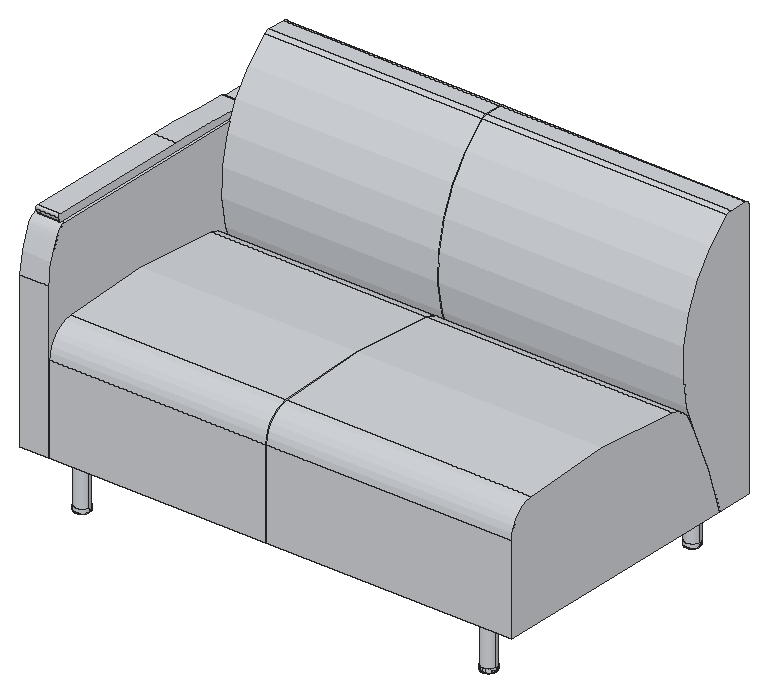
Revit family "Seat-LaZBoy-Assymble_Lounge_Seating-AS22L", category Furniture, Revit 2017
Family settings
  OmniClass Number = 23.40.20.00
  OmniClass Title = General Furniture and Specialties
  Work Plane-Based = No
  Always vertical = Yes
  Cut with Voids When Loaded = No
  Shared = No
  Room Calculation Point = No
Parameters (values of type "Solid Surface Arms Caps")
  Width = 51.00"  # constant formula
  URL = "https://www.la-z-boy.com/"
  Seat Material [instance] = none
  Product Documentation Link = "URL"
  Model = "AS22LJ"
  Manufacturer = "LaZBoy"
  Height = 32.75"  # constant formula
  Description = "2 Seat Lounge Chair, Left Side Facing with Solid Surface Arms Caps"
  Depth = 30.75"  # constant formula
  Copyright © = "Inc"
  Back Material [instance] = none
  Assembly Code = "E2020200"
  Armcap Material [instance] = none
  Arm Material [instance] = none
Types (4): name | Model | Description
  Upholstered Arms | "AS22LF" | "2 Seat Lounge Chair, Left Side Facing with Upholstered Arms"
  Urethane Arms Caps | "AS22LU" | "2 Seat Lounge Chair, Left Side Facing with Urethane Arms Caps"
  Wood Arms Caps | "AS22LW" | "2 Seat Lounge Chair, Left Side Facing with Wood Arms Caps"
  Solid Surface Arms Caps | "AS22LJ" | "2 Seat Lounge Chair, Left Side Facing with Solid Surface Arms Caps"
Reference planes (in)
  plane 1 "Center (Front/Back)": y = 0
  plane 2: z = 0
  plane 3 "Center (Left/Right)": x = 0
  plane 4: y = -15.375
  plane 5: z = 32.75
  plane 6: y = 15.375
  plane 7: x = -25.5
  plane 8: x = 25.5
  plane 9: z = 5.39888
  plane 10: x = -22.5
Forms (in)
  Extrusion 1, solid, material <- "Back Material"
    sketch origin (0, 0, 0) x (0, 1, 0) y (0, 0, 1)
      loop
        line (15.375, 5.39888) -> (15.375, 32.4)
        arc (15.375, 32.4) -> (15.27249, 32.64749) -> (15.025, 32.75) r 0.35
        line (15.025, 32.75) -> (13.18257, 32.75)
        arc (13.18257, 32.75) -> (12.88654, 32.70048) -> (12.62275, 32.55731) r 0.90955
        arc (12.62275, 32.55731) -> (7.27087, 24.12175) -> (8.46181, 14.20293) r 14.8761
        arc (8.46181, 14.20293) -> (10.29749, 9.8942) -> (11.61161, 5.39888) r 39.59734
        line (11.61161, 5.39888) -> (15.375, 5.39888)
    from -22.5 to 0
  Extrusion 2, solid, material <- "Seat Material"
    sketch origin (0, 0, 0) x (0, 1, 0) y (0, 0, 1)
      loop
        line (-15.375, 5.39888) -> (11.61161, 5.39888)
        arc (11.61161, 5.39888) -> (9.9596, 10.8034) -> (7.55503, 15.9177) r 39.59734
        arc (7.55503, 15.9177) -> (6.71811, 16.83642) -> (5.56221, 17.29288) r 2.75
        arc (5.56221, 17.29288) -> (-3.58084, 18.03171) -> (-12.7401, 17.53243) r 67.9538
        arc (-12.7401, 17.53243) -> (-14.6217, 16.54278) -> (-15.375, 14.55473) r 3
        line (-15.375, 14.55473) -> (-15.375, 5.39888)
    from -22.5 to 0
  Extrusion 3, solid
    sketch origin (0, 0, 0) x (1, 0, 0) y (0, 1, 0)
      loop
        circle (-21.11938, 13.59321) r 0.75
      loop
        circle (21.11938, 13.59321) r 0.75
      loop
        circle (-21.11938, -12.84321) r 0.75
      loop
        circle (21.11938, -12.84321) r 0.75
    from 0 to 5.39888
  Extrusion 4, solid, material <- "Back Material"
    sketch origin (0, 0, 0) x (0, 1, 0) y (0, 0, -1)
      loop
        line (15.375, -5.39888) -> (11.61161, -5.39888)
        arc (11.61161, -5.39888) -> (10.29749, -9.8942) -> (8.46181, -14.20293) r 39.59734
        arc (8.46181, -14.20293) -> (7.27087, -24.12175) -> (12.62275, -32.55731) r 14.8761
        arc (12.62275, -32.55731) -> (12.88654, -32.70048) -> (13.18257, -32.75) r 0.90955
        line (13.18257, -32.75) -> (15.025, -32.75)
        arc (15.025, -32.75) -> (15.27249, -32.64749) -> (15.375, -32.4) r 0.35
        line (15.375, -32.4) -> (15.375, -5.39888)
    from -25.5 to 0
  Extrusion 5, solid, material <- "Seat Material"
    sketch origin (0, 0, 0) x (0, 1, 0) y (0, 0, -1)
      loop
        line (-15.375, -5.39888) -> (-15.375, -14.55473)
        arc (-15.375, -14.55473) -> (-14.6217, -16.54278) -> (-12.7401, -17.53243) r 3
        arc (-12.7401, -17.53243) -> (-3.58084, -18.03171) -> (5.56221, -17.29288) r 67.9538
        arc (5.56221, -17.29288) -> (6.71811, -16.83642) -> (7.55503, -15.9177) r 2.75
        arc (7.55503, -15.9177) -> (9.9596, -10.8034) -> (11.61161, -5.39888) r 39.59734
        line (11.61161, -5.39888) -> (-15.375, -5.39888)
    from -25.5 to 0
  Revolve 6, solid
    sketch origin (-12, -12.84321, 0) x (1, 0, 0) y (0, 0, 1)
      loop
        line (-9.11938, 0) -> (-8.38039, 0)
        arc (-8.38039, 0) -> (-8.34459, 0.01483) -> (-8.32976, 0.05064) r 0.05064
        line (-8.32976, 0.05064) -> (-8.32976, 0.40859) -> (-9.11938, 0.40859) -> (-9.11938, 0)
      axis (-9.11938, 0.40859) -> (-9.11938, 0)
    angle from 0 to 360
  Revolve 7, solid
    sketch origin (12, -12.84321, 0) x (-1, 0, 0) y (0, 0, 1)
      loop
        line (-9.11938, 0) -> (-8.38039, 0)
        arc (-8.38039, 0) -> (-8.34459, 0.01483) -> (-8.32976, 0.05064) r 0.05064
        line (-8.32976, 0.05064) -> (-8.32976, 0.40859) -> (-9.11938, 0.40859) -> (-9.11938, 0)
      axis (-9.11938, 0.40859) -> (-9.11938, 0)
    angle from 0 to 360
  Revolve 8, solid
    sketch origin (-12, -12.84321, 0) x (1, 0, 0) y (0, 0, 1)
      loop
        line (-9.11938, 0) -> (-8.38039, 0)
        arc (-8.38039, 0) -> (-8.34459, 0.01483) -> (-8.32976, 0.05064) r 0.05064
        line (-8.32976, 0.05064) -> (-8.32976, 0.40859) -> (-9.11938, 0.40859) -> (-9.11938, 0)
      axis (-9.11938, 0.40859) -> (-9.11938, 0)
    angle from 0 to 360
  Revolve 9, solid
    sketch origin (-12, -12.84321, 0) x (1, 0, 0) y (0, 0, 1)
      loop
        line (33.11938, 0) -> (33.11938, 0.40859) -> (32.32976, 0.40859) -> (32.32976, 0.05064)
        arc (32.32976, 0.05064) -> (32.34459, 0.01483) -> (32.38039, 0) r 0.05064
        line (32.38039, 0) -> (33.11938, 0)
      axis (33.11938, 0.40859) -> (33.11938, 0)
    angle from 0 to 360
  Revolve 10, solid
    sketch origin (-12, 13.59321, 0) x (1, 0, 0) y (0, 0, 1)
      loop
        line (-9.11938, 0) -> (-8.38039, 0)
        arc (-8.38039, 0) -> (-8.34459, 0.01483) -> (-8.32976, 0.05064) r 0.05064
        line (-8.32976, 0.05064) -> (-8.32976, 0.40859) -> (-9.11938, 0.40859) -> (-9.11938, 0)
      axis (-9.11938, 0.40859) -> (-9.11938, 0)
    angle from 0 to 360
  Revolve 11, solid
    sketch origin (-12, 13.59321, 0) x (1, 0, 0) y (0, 0, 1)
      loop
        line (33.11938, 0) -> (33.11938, 0.40859) -> (32.32976, 0.40859) -> (32.32976, 0.05064)
        arc (32.32976, 0.05064) -> (32.34459, 0.01483) -> (32.38039, 0) r 0.05064
        line (32.38039, 0) -> (33.11938, 0)
      axis (33.11938, 0.40859) -> (33.11938, 0)
    angle from 0 to 360
Lines and regions (in)
  Masking region 1
    outline origin (0, 0, 0) x (1, 0, 0) y (0, 1, 0)
      loop
        line (-22.5, 15.375) -> (-22.5, -15.375) -> (25.5, -15.375) -> (25.5, 15.375) -> (-22.5, 15.375)
  symbolic lines, detail levels fine
    curve 1: line (25.5, 11.61161, 0) -> (-22.5, 11.61161, 0)
  symbolic lines, detail levels medium+fine
    curve 2: line (-22.5, 6.90274, 0) -> (25.5, 6.90274, 0)
    curve 3: line (0, -15.375, 0) -> (0, 11.61161, 0)
Dimensions and locks (in)
  equal spacing: plane 6, plane 1 "Center (Front/Back)", plane 4
  equal spacing: plane 7, plane 3 "Center (Left/Right)", plane 8
  "Width": plane 7 to plane 8
  "Depth": plane 4 to plane 6
  "Height": plane 5 to plane 2
  plane 6 to Extrusion 3 sketch curve = 1.78179"
  locked: plane 7 to Extrusion 3 sketch curve at 4.38062
  locked: plane 9 to plane 2 at 5.39888
  locked: plane 7 to plane 10 at 3
  aligned and locked: level to plane 2
  aligned and locked: plane 3 "Center (Left/Right)" to nested 1
  aligned and locked: plane 1 "Center (Front/Back)" to nested 1
  aligned and locked: plane 6 to Extrusion 1 sketch curve
  aligned and locked: Extrusion 3 to plane 9
  aligned and locked: nested 2 to plane 7
  aligned and locked: plane 6 to nested 2
  aligned and locked: plane 10 to Extrusion 1
  aligned and locked: plane 10 to Extrusion 2
  aligned and locked: Masking region 1 sketch curve to plane 6
  aligned and locked: Masking region 1 sketch curve to plane 10
  aligned and locked: Masking region 1 sketch curve to plane 4
  aligned and locked: curve 1 to Extrusion 2
  aligned and locked: plane 3 "Center (Left/Right)" to Extrusion 1
  aligned and locked: plane 3 "Center (Left/Right)" to Extrusion 2
  aligned and locked: Extrusion 4 to plane 3 "Center (Left/Right)"
  aligned and locked: Extrusion 5 to plane 3 "Center (Left/Right)"
  aligned and locked: Masking region 1 sketch curve to plane 8
  aligned and locked: plane 8 to Extrusion 4
  aligned and locked: Extrusion 5 to plane 8
  aligned and locked: plane 8 to curve 2
  aligned and locked: plane 8 to curve 1
Automatic sketch dimensions
  curve 1 to plane 10 = 0.00"
  curve 2 to plane 10 = 0.00"
  curve 3 to plane 3 "Center (Left/Right)" = 0.00"
  plane 4 to curve 3 = 0.00"
  curve 2 to curve 1 = 4.70887"
  Extrusion 1 sketch curve to plane 9 = 0.00"
  Extrusion 1 sketch curve to plane 5 = 0.00"
  Extrusion 1 sketch curve to plane 5 = 0.35"
  Extrusion 1 sketch curve to Extrusion 1 sketch curve = 1.84243"
  Extrusion 1 sketch curve to plane 6 = 3.76339"
  Extrusion 1 sketch curve to level = 3.44449"
  plane 4 to Extrusion 1 sketch curve = 11.61059"
  plane 6 to Extrusion 1 sketch curve = 6.40384"
  Extrusion 1 sketch curve to plane 5 = 11.91722"
  Extrusion 1 sketch curve to plane 5 = 0.90955"
  Extrusion 1 sketch curve to Extrusion 1 sketch curve = 0.00"
  Extrusion 2 sketch curve to plane 4 = 0.00"
  Extrusion 2 sketch curve to plane 9 = 0.00"
  Extrusion 2 sketch curve to level = 3.44449"
  plane 4 to Extrusion 2 sketch curve = 11.61059"
  Extrusion 2 sketch curve to Extrusion 2 sketch curve = 3.00"
  plane 1 "Center (Front/Back)" to Extrusion 2 sketch curve = 4.47018"
  Extrusion 2 sketch curve to plane 1 "Center (Front/Back)" = 5.15622"
  Extrusion 2 sketch curve to plane 6 = 3.76339"
  Extrusion 2 sketch curve to level = 49.91627"
  Extrusion 2 sketch curve to Extrusion 2 sketch curve = 9.15585"
  plane 9 to Extrusion 2 sketch curve = 9.17414"
  Extrusion 2 sketch curve to Extrusion 2 sketch curve = 0.00"  (x2)
  Extrusion 3 sketch curve to plane 10 = 1.38062"
  Extrusion 3 sketch curve to plane 8 = 4.38062"  (x2)
  Extrusion 3 sketch curve to plane 6 = 1.78179"
  Extrusion 3 sketch curve to plane 4 = 2.53179"  (x2)
  Extrusion 4 sketch curve to plane 9 = 0.00"
  Extrusion 4 sketch curve to plane 5 = 0.00"
  Extrusion 4 sketch curve to plane 6 = 0.00"
  Extrusion 4 sketch curve to plane 5 = 0.35"
  Extrusion 4 sketch curve to Extrusion 4 sketch curve = 1.84243"
  Extrusion 4 sketch curve to plane 6 = 3.76339"
  Extrusion 4 sketch curve to level = 3.44449"
  plane 4 to Extrusion 4 sketch curve = 11.61059"
  plane 6 to Extrusion 4 sketch curve = 6.40384"
  Extrusion 4 sketch curve to plane 5 = 0.90955"
  Extrusion 4 sketch curve to plane 5 = 11.91722"
  Extrusion 4 sketch curve to Extrusion 4 sketch curve = 0.00"
  Extrusion 5 sketch curve to plane 4 = 0.00"
  Extrusion 5 sketch curve to plane 9 = 0.00"
  Extrusion 5 sketch curve to level = 3.44449"
  plane 4 to Extrusion 5 sketch curve = 11.61059"
  Extrusion 5 sketch curve to Extrusion 5 sketch curve = 3.00"
  plane 1 "Center (Front/Back)" to Extrusion 5 sketch curve = 4.47018"
  Extrusion 5 sketch curve to plane 1 "Center (Front/Back)" = 5.15622"
  Extrusion 5 sketch curve to plane 6 = 3.76339"
  Extrusion 5 sketch curve to Extrusion 5 sketch curve = 9.15585"
  plane 9 to Extrusion 5 sketch curve = 9.17414"
  Extrusion 5 sketch curve to level = 49.91627"
  Extrusion 5 sketch curve to Extrusion 5 sketch curve = 0.00"  (x2)
  Revolve 6 sketch curve to level = 0.00"
  Revolve 6 sketch curve to plane 10 = 1.38062"
  Revolve 6 sketch curve to Revolve 6 sketch curve = 0.73899"
  level to Revolve 6 sketch curve = 0.05064"
  Revolve 6 sketch curve to Revolve 6 sketch curve = 0.35795"
  Revolve 6 sketch curve to Revolve 6 sketch curve = 0.00"
  Revolve 6 sketch curve to level = 0.50"
  Revolve 6 sketch curve to Revolve 6 sketch curve = 1.34141"
  Revolve 7 sketch curve to level = 0.00"
  plane 8 to Revolve 7 sketch curve = 4.38062"
  Revolve 7 sketch curve to Revolve 7 sketch curve = 0.73899"
  Revolve 7 sketch curve to level = 0.05064"
  Revolve 7 sketch curve to Revolve 7 sketch curve = 0.35795"
  Revolve 7 sketch curve to Revolve 7 sketch curve = 0.00"
  level to Revolve 7 sketch curve = 0.50"
  Revolve 7 sketch curve to Revolve 7 sketch curve = 1.34141"
  Revolve 8 sketch curve to level = 0.00"
  Revolve 8 sketch curve to plane 10 = 1.38062"
  Revolve 8 sketch curve to Revolve 8 sketch curve = 0.73899"
  level to Revolve 8 sketch curve = 0.05064"
  Revolve 8 sketch curve to Revolve 8 sketch curve = 0.35795"
  Revolve 8 sketch curve to Revolve 8 sketch curve = 0.00"
  Revolve 8 sketch curve to level = 0.50"
  Revolve 8 sketch curve to Revolve 8 sketch curve = 1.34141"
  Revolve 9 sketch curve to level = 0.00"
  level to Revolve 9 sketch curve = 0.40859"
  Revolve 9 sketch curve to plane 8 = 5.17024"
  level to Revolve 9 sketch curve = 0.05064"
  Revolve 9 sketch curve to Revolve 9 sketch curve = 0.73899"
  Revolve 9 sketch curve to Revolve 9 sketch curve = 0.00"
  Revolve 9 sketch curve to Revolve 9 sketch curve = 0.50"
  Revolve 9 sketch curve to Revolve 9 sketch curve = 1.34141"
  Revolve 10 sketch curve to level = 0.00"
  Revolve 10 sketch curve to plane 10 = 1.38062"
  Revolve 10 sketch curve to Revolve 10 sketch curve = 0.73899"
  level to Revolve 10 sketch curve = 0.05064"
  Revolve 10 sketch curve to Revolve 10 sketch curve = 0.35795"
  Revolve 10 sketch curve to Revolve 10 sketch curve = 0.00"
  Revolve 10 sketch curve to level = 0.50"
  Revolve 10 sketch curve to Revolve 10 sketch curve = 1.34141"
  Revolve 11 sketch curve to level = 0.00"
  level to Revolve 11 sketch curve = 0.40859"
  Revolve 11 sketch curve to plane 8 = 5.17024"
  level to Revolve 11 sketch curve = 0.05064"
  Revolve 11 sketch curve to Revolve 11 sketch curve = 0.73899"
  Revolve 11 sketch curve to Revolve 11 sketch curve = 0.00"
  Revolve 11 sketch curve to Revolve 11 sketch curve = 0.50"
  Revolve 11 sketch curve to Revolve 11 sketch curve = 1.34141"
  radius of Extrusion 3 sketch curve = 0.75"  (x4)
Nested families (in)
  nested 1: "Label 1-16" at (0, 0, 0), type "Center", detail levels fine
    with Offset (LR) 0.00"
  nested 2: "Leg-Assymble-AS" at (-24, -0.42331, 0), type "Standard"
    with With Armcap yes
Definition of nested family "Leg-Assymble-AS"
  Parameters (values of type "Standard")
    With Armcap [instance] = yes
    URL = ""
    On Legs = yes
    Model = ""
    Manufacturer = ""
    Description = ""
    Depth = 30.75"
    Assembly Code = "E2020200"
    Armcap Material = none
    Arm Material = none
  Reference planes (in)
    plane 1 "Center (Front/Back)": y = 0.42331
    plane 2: z = 0
    plane 3 "Center (Left/Right)": x = 0
    plane 4: y = -14.95169
    plane 5: y = 15.79831
    plane 6 "Top": z = 26.39888
    plane 7: z = 5.39888
    plane 8: x = -1.5
    plane 9: x = 1.5
    plane 10: z = 27.20597
  Forms (in)
    Extrusion 1, solid, material <- "Arm Material"
      sketch origin (0, 0, 0) x (0, 1, 0) y (0, 0, 1)
        loop
          line (-14.95169, 5.39888) -> (15.79831, 5.39888) -> (15.79831, 21.43599)
          spline (15.79831, 21.43599) -> (15.76797, 22.12079) -> (15.68527, 22.75327) -> (15.5627, 23.33665) -> (15.41272, 23.87418) -> (15.24784, 24.36908) -> (15.08052, 24.8246) -> (14.92237, 25.24351) -> (14.76729, 25.61955) -> (14.59281, 25.93806) -> (14.37586, 26.1841) -> (14.09335, 26.34269) -> (13.7222, 26.39888)
          line (13.7222, 26.39888) -> (-12.87557, 26.39888)
          spline (-12.87557, 26.39888) -> (-13.24672, 26.34269) -> (-13.52924, 26.1841) -> (-13.74619, 25.93806) -> (-13.92066, 25.61955) -> (-14.07574, 25.24351) -> (-14.23389, 24.8246) -> (-14.40121, 24.36908) -> (-14.5661, 23.87418) -> (-14.71607, 23.33665) -> (-14.83865, 22.75327) -> (-14.92135, 22.12079) -> (-14.95169, 21.43599)
          line (-14.95169, 21.43599) -> (-14.95169, 5.39888)
      from -1.5 to 1.5
    Extrusion 2, solid, material <- "Armcap Material", visible <- "With Armcap"
      sketch origin (0, 0, 0) x (0, 1, 0) y (0, 0, 1)
        loop
          line (-13.01699, 26.39888) -> (11.3584, 26.39888)
          arc (11.3584, 26.39888) -> (11.2289, 26.74416) -> (10.89493, 26.90053) r 0.48849
          line (10.89493, 26.90053) -> (10.8547, 26.90258)
          spline (10.8547, 26.90258) -> (9.81368, 26.95548) -> (8.97711, 26.99748) -> (8.27856, 27.03149) -> (7.65189, 27.06036) -> (7.04399, 27.08607) -> (6.41901, 27.10935) -> (5.74229, 27.13088) -> (4.97919, 27.15133) -> (4.10521, 27.17117) -> (3.20988, 27.18881) -> (2.45429, 27.20138) -> (2.00065, 27.20597)
          line (2.00065, 27.20597) -> (-13.10453, 27.20597)
          arc (-13.10453, 27.20597) -> (-13.26936, 27.11925) -> (-13.29125, 26.9343) r 0.2
          line (-13.29125, 26.9343) -> (-13.11035, 26.46304)
          arc (-13.11035, 26.46304) -> (-13.07363, 26.41646) -> (-13.01699, 26.39888) r 0.1
      from -1.18 to 1.18
  Lines and regions (in)
    Masking region 1
      outline origin (0, 0, 0) x (1, 0, 0) y (0, 1, 0)
        loop
          line (-1.5, 15.79831) -> (-1.5, -14.95169) -> (1.5, -14.95169) -> (1.5, 15.79831) -> (-1.5, 15.79831)
    symbolic lines, visible <- "With Armcap"
      curve 1: line (-1.18, 11.3584, 0) -> (-1.18, -13.30453, 0)
      curve 2: line (1.18, -13.30453, 0) -> (1.18, 11.3584, 0)
      curve 3: arc (-1.18, -13.30453, 0) -> (0, -13.34619, 0) -> (1.18, -13.30453, 0) r 16.73286
    symbolic lines
      curve 4: arc (-1.18, 11.3584, 0) -> (0, 11.42098, 0) -> (1.18, 11.3584, 0) r 11.15659
  Dimensions and locks (in)
    plane 6 "Top" to plane 7 to plane 2 = 21.00" locked, 5.39888" locked
    equal spacing: plane 4, plane 1 "Center (Front/Back)", plane 5
    "Depth": plane 4 to plane 5
    equal spacing: plane 8, plane 3 "Center (Left/Right)", plane 9
    plane 8 to plane 3 "Center (Left/Right)" = 1.50"
    locked: plane 10 to plane 6 "Top" at 0.80709
    equal spacing: Extrusion 2, plane 3 "Center (Left/Right)", Extrusion 2
    locked: Extrusion 2 sketch curve to plane 4 at 1.84715
    aligned and locked: level to plane 2
    aligned and locked: plane 7 to Extrusion 1 sketch curve
    aligned and locked: plane 5 to Extrusion 1 sketch curve
    aligned and locked: plane 4 to Extrusion 1 sketch curve
    aligned and locked: plane 6 "Top" to Extrusion 1 sketch curve
    aligned and locked: plane 8 to Extrusion 1
    aligned and locked: plane 9 to Extrusion 1
    aligned and locked: plane 6 "Top" to Extrusion 2 sketch curve
    aligned and locked: Masking region 1 sketch curve to plane 4
    aligned and locked: Masking region 1 sketch curve to plane 5
    aligned and locked: Masking region 1 sketch curve to plane 8
    aligned and locked: Masking region 1 sketch curve to plane 9
    aligned and locked: Extrusion 2 to curve 1
    aligned and locked: curve 2 to Extrusion 2
  Automatic sketch dimensions
    Extrusion 1 sketch curve to plane 5 = 2.07612"
    plane 6 "Top" to Extrusion 1 sketch curve = 4.96288"  (x2)
    Extrusion 1 sketch curve to plane 4 = 2.07612"
    curve 3 to plane 3 "Center (Left/Right)" = 0.00"
    curve 1 to plane 4 = 1.64715"
    plane 1 "Center (Front/Back)" to curve 4 = 0.15892"
    curve 3 to plane 1 "Center (Front/Back)" = 2.96335"
    curve 1 to plane 5 = 4.43991"
    curve 1 to curve 2 = 0.00"
    plane 10 to Extrusion 2 sketch curve = 0.00"
    Extrusion 2 sketch curve to plane 6 "Top" = 0.06416"
    Extrusion 2 sketch curve to Extrusion 2 sketch curve = 0.00582"
    plane 10 to Extrusion 2 sketch curve = 0.27167"
    Extrusion 2 sketch curve to Extrusion 2 sketch curve = 0.18672"
    Extrusion 2 sketch curve to Extrusion 2 sketch curve = 0.09336"
    Extrusion 2 sketch curve to plane 1 "Center (Front/Back)" = 1.57734"
    plane 10 to Extrusion 2 sketch curve = 0.30339"
    Extrusion 2 sketch curve to plane 5 = 4.94361"
    Extrusion 2 sketch curve to plane 6 "Top" = 0.01379"
    Extrusion 2 sketch curve to Extrusion 2 sketch curve = 0.0154"
    plane 10 to Extrusion 2 sketch curve = 0.30544"
    Extrusion 2 sketch curve to Extrusion 2 sketch curve = 0.04023"
Definition of nested family "Label 1-16"
  Parameters (values of type "Center")
    P_Width = 0.00"
    Text_Width = "Empty"
    Text_Height = "Empty"
    Text_Diameter = "Empty"
    Text_Depth = "Empty"
    Offset (LR) [instance] = 0.00"
    Model Name = "6961"
    P_Height = 0.00"
    Distance of Center (not Change) = 0.00"
    P_Diameter = 0.00"
    P_Depth = 0.00"
  Reference planes (in)
    plane 1: y = 0
    plane 2: x = 0
  Lines and regions (in)
    reference lines
      curve 1: line (-0.44359, 0, 0) -> (0.41085, 0, 0)
      curve 3: line (0, 0.32564, 0) -> (0, -0.40221, 0)
    reference lines, not visible
      curve 2: line (-0.44359, 0.09843, 0) -> (0.41085, 0.09843, 0)
      curve 4: line (0, 0.42407, 0) -> (0, -0.30379, 0)
  Text (in)
    label "Empty" at (0.00197, -0.0079, 0), shows "Model Name"
    label "Empty" at (0.00197, 0.09052, 0), shows "Model Name", not visible
  Dimensions and locks (in)
    "Distance of Center (not Change)": plane 1 to curve 1
    "Offset (LR)": curve 3 to plane 2
  Automatic sketch dimensions
    curve 1 to curve 3 = 0.44359"
    curve 3 to curve 1 = 0.41085"
    curve 3 to curve 1 = 0.40221"
    curve 1 to curve 3 = 0.32564"
    curve 2 to curve 4 = 0.44359"
    curve 4 to curve 2 = 0.41085"
    curve 4 to curve 2 = 0.40221"
    curve 2 to curve 4 = 0.32564"
